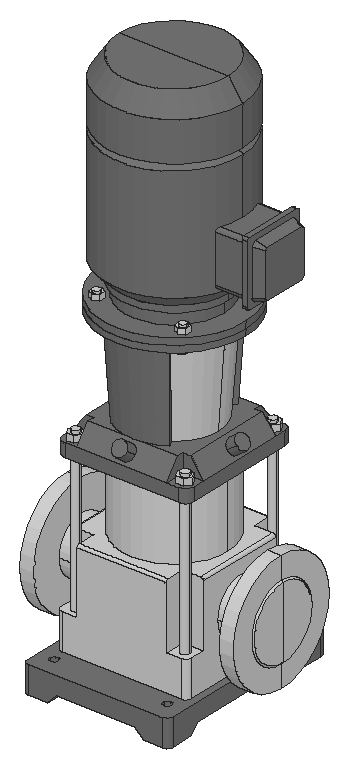
Revit family "TESK_Насос вертикальный_SVM(T)-45", category Оборудование, Revit 2019 (continued)
Types in the file's own list only (50): name | Толщина_ФланцаДвигателя | Напор максимальный | Материал_КорпусУлитка | Высота_Башня | Высота_Корпуса | D_Башня | ADSK_Полная мощность | ADSK_Номинальная мощность | ADSK_Напряжение | ADSK_Наименование | ADSK_Масса_Текст | ADSK_Масса | ADSK_Марка | ADSK_Код изделия | ADSK_Диаметр условный | Фланец_Толщина | УГО_Длина | Двигатель_Ширина | Двигатель_ОтступКоробки | Двигатель_Высота
  SVM 45-6 22kW 3x380V 50Hz IE3 | 19 мм | 143 | TESK_Нержавеющая сталь | 340 мм | 1066 мм | 270 мм | 22 кВ·А | 22 кВт | 400 В | "Вертикальный многоступенчатый центробежный насос SVM, DN80, PN25-40, Hmax=143м (3x380V 50Hz IE3)" | "261" | 261 | "SVM 45-6 22kW 3x380V 50Hz IE3" | "7745-60   0003380NSSF" | 80 мм | 26 мм | 365 мм | 360 мм | 285 мм | 645 мм
  SVM 45-7-2 30kW 3x380V 50Hz IE3 | 21 мм | 158 | TESK_Нержавеющая сталь | 380 мм | 1146 мм | 300 мм | 30 кВ·А | 30 кВт | 400 В | "Вертикальный многоступенчатый центробежный насос SVM, DN80, PN25-40, Hmax=158м (3x380V 50Hz IE3)" | "320" | 320 | "SVM 45-7-2 30kW 3x380V 50Hz IE3" | "7745-70-20003380NSSF" | 80 мм | 26 мм | 365 мм | 400 мм | 310 мм | 705 мм
  SVM 45-7 30kW 3x380V 50Hz IE3 | 21 мм | 166 | TESK_Нержавеющая сталь | 380 мм | 1146 мм | 300 мм | 30 кВ·А | 30 кВт | 400 В | "Вертикальный многоступенчатый центробежный насос SVM, DN80, PN25-40, Hmax=166м (3x380V 50Hz IE3)" | "320" | 320 | "SVM 45-7 30kW 3x380V 50Hz IE3" | "7745-700003380NSSF" | 80 мм | 26 мм | 365 мм | 400 мм | 310 мм | 705 мм
  SVM 45-8-2 30kW 3x380V 50Hz IE3 | 21 мм | 182 | TESK_Нержавеющая сталь | 400 мм | 1226 мм | 300 мм | 30 кВ·А | 30 кВт | 400 В | "Вертикальный многоступенчатый центробежный насос SVM, DN80, PN25-40, Hmax=182м (3x380V 50Hz IE3)" | "324" | 324 | "SVM 45-8-2 30kW 3x380V 50Hz IE3" | "7745-80-20003380NSSF" | 80 мм | 26 мм | 365 мм | 400 мм | 310 мм | 705 мм
  SVM 45-8 30kW 3x380V 50Hz IE3 | 21 мм | 190 | TESK_Нержавеющая сталь | 400 мм | 1226 мм | 300 мм | 30 кВ·А | 30 кВт | 400 В | "Вертикальный многоступенчатый центробежный насос SVM, DN80, PN25-40, Hmax=190м (3x380V 50Hz IE3)" | "324" | 324 | "SVM 45-8 30kW 3x380V 50Hz IE3" | "7745-80  0003380NSSF" | 80 мм | 26 мм | 365 мм | 400 мм | 310 мм | 705 мм
  SVM 45-9-2 30kW 3x380V 50Hz IE3 | 21 мм | 205 | TESK_Нержавеющая сталь | 420 мм | 1306 мм | 300 мм | 30 кВ·А | 30 кВт | 400 В | "Вертикальный многоступенчатый центробежный насос SVM, DN80, PN25-40, Hmax=205м (3x380V 50Hz IE3)" | "340" | 340 | "SVM 45-9-2 30kW 3x380V 50Hz IE3" | "7745-90-20003380NSSF" | 80 мм | 26 мм | 365 мм | 400 мм | 310 мм | 705 мм
  SVM 45-9 37kW 3x380V 50Hz IE3 | 21 мм | 214 | TESK_Нержавеющая сталь | 420 мм | 1306 мм | 300 мм | 37 кВ·А | 37 кВт | 400 В | "Вертикальный многоступенчатый центробежный насос SVM, DN80, PN25-40, Hmax=214м (3x380V 50Hz IE3)" | "340" | 340 | "SVM 45-9 37kW 3x380V 50Hz IE3" | "7745-90  0003380NSSF" | 80 мм | 26 мм | 365 мм | 400 мм | 310 мм | 705 мм
  SVM 45-10-2 37kW 3x380V 50Hz IE3 | 21 мм | 230 | TESK_Нержавеющая сталь | 440 мм | 1386 мм | 300 мм | 37 кВ·А | 37 кВт | 400 В | "Вертикальный многоступенчатый центробежный насос SVM, DN80, PN25-40, Hmax=230м (3x380V 50Hz IE3)" | "355" | 355 | "SVM 45-10-2 37kW 3x380V 50Hz IE3" | "7745-100-20003380NSSF" | 80 мм | 26 мм | 365 мм | 400 мм | 310 мм | 705 мм
  SVM 45-10 37kW 3x380V 50Hz IE3 | 21 мм | 238 | TESK_Нержавеющая сталь | 440 мм | 1386 мм | 300 мм | 37 кВ·А | 37 кВт | 400 В | "Вертикальный многоступенчатый центробежный насос SVM, DN80, PN25-40, Hmax=238м (3x380V 50Hz IE3)" | "355" | 355 | "SVM 45-10 37kW 3x380V 50Hz IE3" | "7745-100 0003380NSSF" | 80 мм | 26 мм | 365 мм | 400 мм | 310 мм | 705 мм
  SVM 45-11-2 45kW 3x380V 50Hz IE3 | 22 мм | 255 | TESK_Нержавеющая сталь | 460 мм | 1466 мм | 338 мм | 45 кВ·А | 45 кВт | 400 В | "Вертикальный многоступенчатый центробежный насос SVM, DN80, PN25-40, Hmax=255м (3x380V 50Hz IE3)" | "426" | 426 | "SVM 45-11-2 45kW 3x380V 50Hz IE3" | "7745-110-20003380NSSF" | 80 мм | 26 мм | 365 мм | 450 мм | 345 мм | 740 мм
  SVM 45-11 45kW 3x380V 50Hz IE3 | 22 мм | 263 | TESK_Нержавеющая сталь | 460 мм | 1466 мм | 338 мм | 45 кВ·А | 45 кВт | 400 В | "Вертикальный многоступенчатый центробежный насос SVM, DN80, PN25-40, Hmax=263м (3x380V 50Hz IE3)" | "426" | 426 | "SVM 45-11 45kW 3x380V 50Hz IE3" | "7745-110 0003380NSSF" | 80 мм | 26 мм | 365 мм | 450 мм | 345 мм | 740 мм
  SVM 45-12-2 45kW 3x380V 50Hz IE3 | 22 мм | 280 | TESK_Нержавеющая сталь | 480 мм | 1546 мм | 338 мм | 45 кВ·А | 45 кВт | 400 В | "Вертикальный многоступенчатый центробежный насос SVM, DN80, PN25-40, Hmax=280м (3x380V 50Hz IE3)" | "432" | 432 | "SVM 45-12-2 45kW 3x380V 50Hz IE3" | "7745-120-20003380NSSF" | 80 мм | 26 мм | 365 мм | 450 мм | 345 мм | 740 мм
  SVM 45-12 45kW 3x380V 50Hz IE3 | 22 мм | 289 | TESK_Нержавеющая сталь | 480 мм | 1546 мм | 338 мм | 45 кВ·А | 45 кВт | 400 В | "Вертикальный многоступенчатый центробежный насос SVM, DN80, PN25-40, Hmax=289м (3x380V 50Hz IE3)" | "432" | 432 | "SVM 45-12 45kW 3x380V 50Hz IE3" | "7745-130-20003380NSSF" | 80 мм | 26 мм | 365 мм | 450 мм | 345 мм | 740 мм
  SVM 45-13-2 45kW 3x380V 50Hz IE3 | 22 мм | 305 | TESK_Нержавеющая сталь | 500 мм | 1626 мм | 338 мм | 45 кВ·А | 45 кВт | 400 В | "Вертикальный многоступенчатый центробежный насос SVM, DN80, PN25-40, Hmax=305м (3x380V 50Hz IE3)" | "438" | 438 | "SVM 45-13-2 45kW 3x380V 50Hz IE3" | "7745-120 0003380NSSF" | 80 мм | 26 мм | 365 мм | 450 мм | 345 мм | 740 мм
  SVMT 45-1-1 3kW 3x380V 50Hz IE3 | 11 мм | 20 | TESK_Черный_Условный | 200 мм | 561 мм | 173 мм | 3 кВ·А | 3 кВт | 400 В | "Вертикальный многоступенчатый центробежный насос SVMT, DN80, PN25-40, Hmax=20м (3x380V 50Hz IE3)" | "89" | 89 | "SVMT 45-1-1 3kW 3x380V 50Hz IE3" | "7745-10-10003380N" | 80 мм | 26 мм | 365 мм | 230 мм | 185 мм | 370 мм
  SVMT 45-1 4kW 3x380V 50Hz IE3 | 11 мм | 24 | TESK_Черный_Условный | 200 мм | 561 мм | 173 мм | 4 кВ·А | 4 кВт | 400 В | "Вертикальный многоступенчатый центробежный насос SVMT, DN80, PN25-40, Hmax=24м (3x380V 50Hz IE3)" | "89" | 89 | "SVMT 45-1 4kW 3x380V 50Hz IE3" | "7745-100003380N" | 80 мм | 26 мм | 365 мм | 230 мм | 185 мм | 370 мм
  SVMT 45-2-2 5.5kW 3x380V 50Hz IE3 | 13 мм | 40 | TESK_Черный_Условный | 220 мм | 641 мм | 195 мм | 6 кВ·А | 6 кВт | 400 В | "Вертикальный многоступенчатый центробежный насос SVMT, DN80, PN25-40, Hmax=40м (3x380V 50Hz IE3)" | "108" | 108 | "SVMT 45-2-2 5.5kW 3x380V 50Hz IE3" | "7745-20-20003380N" | 80 мм | 26 мм | 365 мм | 260 мм | 208 мм | 435 мм
  SVMT 45-2 7.5kW 3x380V 50Hz IE3 | 13 мм | 48 | TESK_Черный_Условный | 220 мм | 641 мм | 195 мм | 8 кВ·А | 8 кВт | 400 В | "Вертикальный многоступенчатый центробежный насос SVMT, DN80, PN25-40, Hmax=48м (3x380V 50Hz IE3)" | "108" | 108 | "SVMT 45-2 7.5kW 3x380V 50Hz IE3" | "7745-20  0003380N" | 80 мм | 26 мм | 365 мм | 260 мм | 208 мм | 435 мм
  SVMT 45-3-2 11kW 3x380V 50Hz IE3 | 17 мм | 63 | TESK_Черный_Условный | 260 мм | 826 мм | 263 мм | 11 кВ·А | 11 кВт | 400 В | "Вертикальный многоступенчатый центробежный насос SVMT, DN80, PN25-40, Hmax=63м (3x380V 50Hz IE3)" | "183" | 183 | "SVMT 45-3-2 11kW 3x380V 50Hz IE3" | "7745-30-20003380N" | 80 мм | 26 мм | 365 мм | 350 мм | 260 мм | 580 мм
  SVMT 45-3 11kW 3x380V 50Hz IE3 | 17 мм | 71 | TESK_Черный_Условный | 260 мм | 826 мм | 263 мм | 11 кВ·А | 11 кВт | 400 В | "Вертикальный многоступенчатый центробежный насос SVMT, DN80, PN25-40, Hmax=71м (3x380V 50Hz IE3)" | "183" | 183 | "SVMT 45-3 11kW 3x380V 50Hz IE3" | "7745-300003380N" | 80 мм | 26 мм | 365 мм | 350 мм | 260 мм | 580 мм
  SVMT 45-4-2 15kW 3x380V 50Hz IE3 | 17 мм | 87 | TESK_Черный_Условный | 300 мм | 906 мм | 263 мм | 15 кВ·А | 15 кВт | 400 В | "Вертикальный многоступенчатый центробежный насос SVMT, DN80, PN25-40, Hmax=87м (3x380V 50Hz IE3)" | "197" | 197 | "SVMT 45-4-2 15kW 3x380V 50Hz IE3" | "7745-40-20003380N" | 80 мм | 26 мм | 365 мм | 350 мм | 260 мм | 580 мм
  SVMT 45-4 15kW 3x380V 50Hz IE3 | 17 мм | 95 | TESK_Черный_Условный | 300 мм | 906 мм | 263 мм | 15 кВ·А | 15 кВт | 400 В | "Вертикальный многоступенчатый центробежный насос SVMT, DN80, PN25-40, Hmax=95м (3x380V 50Hz IE3)" | "197" | 197 | "SVMT 45-4 15kW 3x380V 50Hz IE3" | "7745-400003380N" | 80 мм | 26 мм | 365 мм | 350 мм | 260 мм | 580 мм
  SVMT 45-5-2 18.5kW 3x380V 50Hz IE3 | 18 мм | 111 | TESK_Черный_Условный | 320 мм | 986 мм | 263 мм | 19 кВ·А | 19 кВт | 400 В | "Вертикальный многоступенчатый центробежный насос SVMT, DN80, PN25-40, Hmax=111м (3x380V 50Hz IE3)" | "221" | 221 | "SVMT 45-5-2 18.5kW 3x380V 50Hz IE3" | "7745-50-20003380N" | 80 мм | 26 мм | 365 мм | 350 мм | 260 мм | 610 мм
  SVMT 45-5 18.5kW 3x380V 50Hz IE3 | 18 мм | 119 | TESK_Черный_Условный | 320 мм | 986 мм | 263 мм | 19 кВ·А | 19 кВт | 400 В | "Вертикальный многоступенчатый центробежный насос SVMT, DN80, PN25-40, Hmax=119м (3x380V 50Hz IE3)" | "221" | 221 | "SVMT 45-5 18.5kW 3x380V 50Hz IE3" | "7745-500003380N" | 80 мм | 26 мм | 365 мм | 350 мм | 260 мм | 610 мм
  SVMT 45-6-2 22kW 3x380V 50Hz IE3 | 19 мм | 135 | TESK_Черный_Условный | 340 мм | 1066 мм | 270 мм | 22 кВ·А | 22 кВт | 400 В | "Вертикальный многоступенчатый центробежный насос SVMT, DN80, PN25-40, Hmax=135м (3x380V 50Hz IE3)" | "261" | 261 | "SVMT 45-6-2 22kW 3x380V 50Hz IE3" | "7745-60-20003380N" | 80 мм | 26 мм | 365 мм | 360 мм | 285 мм | 645 мм
  SVMT 45-6 22kW 3x380V 50Hz IE3 | 19 мм | 143 | TESK_Черный_Условный | 340 мм | 1066 мм | 270 мм | 22 кВ·А | 22 кВт | 400 В | "Вертикальный многоступенчатый центробежный насос SVMT, DN80, PN25-40, Hmax=143м (3x380V 50Hz IE3)" | "261" | 261 | "SVMT 45-6 22kW 3x380V 50Hz IE3" | "7745-60   0003380N" | 80 мм | 26 мм | 365 мм | 360 мм | 285 мм | 645 мм
  SVMT 45-7-2 30kW 3x380V 50Hz IE3 | 21 мм | 158 | TESK_Черный_Условный | 380 мм | 1146 мм | 300 мм | 30 кВ·А | 30 кВт | 400 В | "Вертикальный многоступенчатый центробежный насос SVMT, DN80, PN25-40, Hmax=158м (3x380V 50Hz IE3)" | "320" | 320 | "SVMT 45-7-2 30kW 3x380V 50Hz IE3" | "7745-70-20003380N" | 80 мм | 26 мм | 365 мм | 400 мм | 310 мм | 705 мм
  SVMT 45-7 30kW 3x380V 50Hz IE3 | 21 мм | 166 | TESK_Черный_Условный | 380 мм | 1146 мм | 300 мм | 30 кВ·А | 30 кВт | 400 В | "Вертикальный многоступенчатый центробежный насос SVMT, DN80, PN25-40, Hmax=166м (3x380V 50Hz IE3)" | "320" | 320 | "SVMT 45-7 30kW 3x380V 50Hz IE3" | "7745-700003380N" | 80 мм | 26 мм | 365 мм | 400 мм | 310 мм | 705 мм
  SVMT 45-8-2 30kW 3x380V 50Hz IE3 | 21 мм | 182 | TESK_Черный_Условный | 400 мм | 1226 мм | 300 мм | 30 кВ·А | 30 кВт | 400 В | "Вертикальный многоступенчатый центробежный насос SVMT, DN80, PN25-40, Hmax=182м (3x380V 50Hz IE3)" | "324" | 324 | "SVMT 45-8-2 30kW 3x380V 50Hz IE3" | "7745-80-20003380N" | 80 мм | 26 мм | 365 мм | 400 мм | 310 мм | 705 мм
  SVMT 45-8 30kW 3x380V 50Hz IE3 | 21 мм | 190 | TESK_Черный_Условный | 400 мм | 1226 мм | 300 мм | 30 кВ·А | 30 кВт | 400 В | "Вертикальный многоступенчатый центробежный насос SVMT, DN80, PN25-40, Hmax=190м (3x380V 50Hz IE3)" | "324" | 324 | "SVMT 45-8 30kW 3x380V 50Hz IE3" | "7745-80  0003380N" | 80 мм | 26 мм | 365 мм | 400 мм | 310 мм | 705 мм
  SVMT 45-9-2 30kW 3x380V 50Hz IE3 | 21 мм | 205 | TESK_Черный_Условный | 420 мм | 1306 мм | 300 мм | 30 кВ·А | 30 кВт | 400 В | "Вертикальный многоступенчатый центробежный насос SVMT, DN80, PN25-40, Hmax=205м (3x380V 50Hz IE3)" | "340" | 340 | "SVMT 45-9-2 30kW 3x380V 50Hz IE3" | "7745-90-20003380N" | 80 мм | 26 мм | 365 мм | 400 мм | 310 мм | 705 мм
  SVMT 45-9 37kW 3x380V 50Hz IE3 | 21 мм | 214 | TESK_Черный_Условный | 420 мм | 1306 мм | 300 мм | 37 кВ·А | 37 кВт | 400 В | "Вертикальный многоступенчатый центробежный насос SVMT, DN80, PN25-40, Hmax=214м (3x380V 50Hz IE3)" | "340" | 340 | "SVMT 45-9 37kW 3x380V 50Hz IE3" | "7745-90  0003380N" | 80 мм | 26 мм | 365 мм | 400 мм | 310 мм | 705 мм
  SVMT 45-10-2 37kW 3x380V 50Hz IE3 | 21 мм | 230 | TESK_Черный_Условный | 440 мм | 1386 мм | 300 мм | 37 кВ·А | 37 кВт | 400 В | "Вертикальный многоступенчатый центробежный насос SVMT, DN80, PN25-40, Hmax=230м (3x380V 50Hz IE3)" | "355" | 355 | "SVMT 45-10-2 37kW 3x380V 50Hz IE3" | "7745-100-20003380N" | 80 мм | 26 мм | 365 мм | 400 мм | 310 мм | 705 мм
  SVMT 45-10 37kW 3x380V 50Hz IE3 | 21 мм | 238 | TESK_Черный_Условный | 440 мм | 1386 мм | 300 мм | 37 кВ·А | 37 кВт | 400 В | "Вертикальный многоступенчатый центробежный насос SVMT, DN80, PN25-40, Hmax=238м (3x380V 50Hz IE3)" | "355" | 355 | "SVMT 45-10 37kW 3x380V 50Hz IE3" | "7745-100 0003380N" | 80 мм | 26 мм | 365 мм | 400 мм | 310 мм | 705 мм
  SVMT 45-11-2 45kW 3x380V 50Hz IE3 | 22 мм | 255 | TESK_Черный_Условный | 460 мм | 1466 мм | 338 мм | 45 кВ·А | 45 кВт | 400 В | "Вертикальный многоступенчатый центробежный насос SVMT, DN80, PN25-40, Hmax=255м (3x380V 50Hz IE3)" | "426" | 426 | "SVMT 45-11-2 45kW 3x380V 50Hz IE3" | "7745-110-20003380N" | 80 мм | 26 мм | 365 мм | 450 мм | 345 мм | 740 мм
  SVMT 45-11 45kW 3x380V 50Hz IE3 | 22 мм | 263 | TESK_Черный_Условный | 460 мм | 1466 мм | 338 мм | 45 кВ·А | 45 кВт | 400 В | "Вертикальный многоступенчатый центробежный насос SVMT, DN80, PN25-40, Hmax=263м (3x380V 50Hz IE3)" | "426" | 426 | "SVMT 45-11 45kW 3x380V 50Hz IE3" | "7745-110 0003380N" | 80 мм | 26 мм | 365 мм | 450 мм | 345 мм | 740 мм
  SVMT 45-12-2 45kW 3x380V 50Hz IE3 | 22 мм | 280 | TESK_Черный_Условный | 480 мм | 1546 мм | 338 мм | 45 кВ·А | 45 кВт | 400 В | "Вертикальный многоступенчатый центробежный насос SVMT, DN80, PN25-40, Hmax=280м (3x380V 50Hz IE3)" | "432" | 432 | "SVMT 45-12-2 45kW 3x380V 50Hz IE3" | "7745-120-20003380N" | 80 мм | 26 мм | 365 мм | 450 мм | 345 мм | 740 мм
  SVMT 45-12 45kW 3x380V 50Hz IE3 | 22 мм | 289 | TESK_Черный_Условный | 480 мм | 1546 мм | 338 мм | 45 кВ·А | 45 кВт | 400 В | "Вертикальный многоступенчатый центробежный насос SVMT, DN80, PN25-40, Hmax=289м (3x380V 50Hz IE3)" | "432" | 432 | "SVMT 45-12 45kW 3x380V 50Hz IE3" | "7745-130-20003380N" | 80 мм | 26 мм | 365 мм | 450 мм | 345 мм | 740 мм
  SVMT 45-13-2 45kW 3x380V 50Hz IE3 | 22 мм | 305 | TESK_Черный_Условный | 500 мм | 1626 мм | 338 мм | 45 кВ·А | 45 кВт | 400 В | "Вертикальный многоступенчатый центробежный насос SVMT, DN80, PN25-40, Hmax=305м (3x380V 50Hz IE3)" | "438" | 438 | "SVMT 45-13-2 45kW 3x380V 50Hz IE3" | "7745-120 0003380N" | 80 мм | 26 мм | 365 мм | 450 мм | 345 мм | 740 мм
